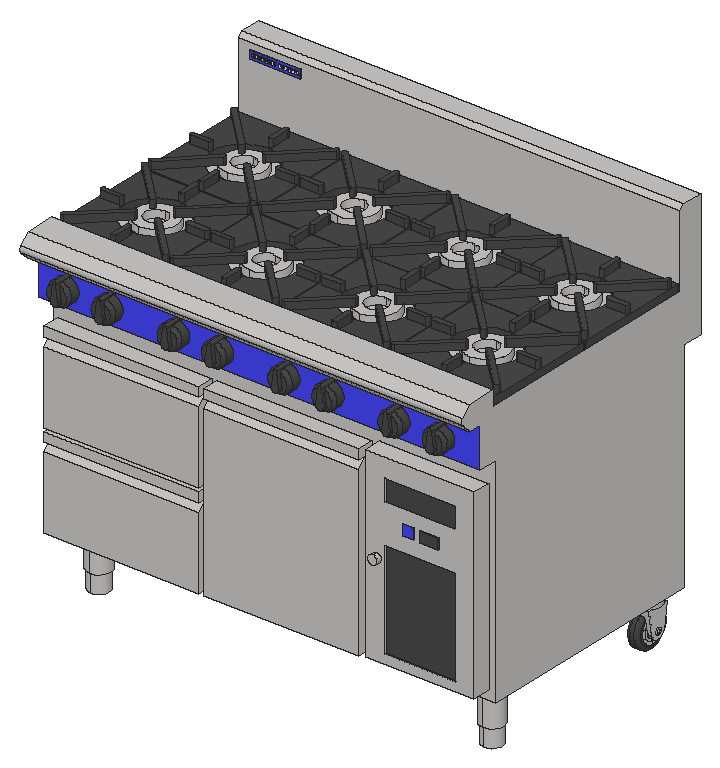
Revit family "QF_MOFFAT_BLUESEAL_CE_G518D-RB", category Specialty Equipment, Revit 2012 (continued)
Definition of nested family "GAS BURNER 1200"
  Lines and regions (mm)
    symbolic lines
      curve 346: spline (891.102, -160.1, 0) -> (892.396, -160.318, 0) -> (893.602, -160.957, 0) -> (894.638, -161.975, 0) -> (895.432, -163.3, 0) -> (895.932, -164.844, 0) -> (896.102, -166.5, 0) -> (895.932, -168.156, 0) -> (895.432, -169.7, 0) -> (894.638, -171.025, 0) -> (893.602, -172.043, 0) -> (892.396, -172.682, 0) -> (891.102, -172.9, 0)
      curve 347: arc (896, 0, 0) -> (898.121, -0.879, 0) -> (899, -3, 0) r 3
      curve 348: line (899, -3, 0) -> (899, -315.5, 0)
      curve 349: arc (899, -315.5, 0) -> (898.121, -317.621, 0) -> (896, -318.5, 0) r 3
      curve 350: line (904, 0, 0) -> (1196, 0, 0)
      curve 351: arc (1196, 0, 0) -> (1198.121, -0.879, 0) -> (1199, -3, 0) r 3
      curve 352: line (1199, -3, 0) -> (1199, -315.5, 0)
      curve 353: arc (1199, -315.5, 0) -> (1198.121, -317.621, 0) -> (1196, -318.5, 0) r 3
      curve 354: line (1196, -318.5, 0) -> (904, -318.5, 0)
      curve 355: arc (904, -318.5, 0) -> (901.879, -317.621, 0) -> (901, -315.5, 0) r 3
      curve 356: line (901, -315.5, 0) -> (901, -3, 0)
      curve 357: arc (901, -3, 0) -> (901.879, -0.879, 0) -> (904, 0, 0) r 3
      curve 358: line (904, -321.5, 0) -> (1196, -321.5, 0)
      curve 359: arc (1196, -321.5, 0) -> (1198.121, -322.379, 0) -> (1199, -324.5, 0) r 3
      curve 360: line (1199, -324.5, 0) -> (1199, -632, 0)
      curve 361: arc (1199, -632, 0) -> (1198.121, -634.121, 0) -> (1196, -635, 0) r 3
      curve 362: line (1196, -635, 0) -> (904, -635, 0)
      curve 363: arc (904, -635, 0) -> (901.879, -634.121, 0) -> (901, -632, 0) r 3
      curve 364: line (901, -632, 0) -> (901, -324.5, 0)
      curve 365: arc (901, -324.5, 0) -> (901.879, -322.379, 0) -> (904, -321.5, 0) r 3
      curve 366: arc (896, -321.5, 0) -> (898.121, -322.379, 0) -> (899, -324.5, 0) r 3
      curve 367: line (899, -324.5, 0) -> (899, -632, 0)
      curve 368: arc (899, -632, 0) -> (898.121, -634.121, 0) -> (896, -635, 0) r 3
      curve 369: line (906.102, -304.847, 0) -> (1014.025, -193.424, 0)
      curve 370: spline (1014.025, -193.424, 0) -> (1015.095, -192.663, 0) -> (1016.399, -192.262, 0) -> (1017.851, -192.249, 0) -> (1019.35, -192.625, 0) -> (1020.795, -193.363, 0) -> (1022.086, -194.414, 0) -> (1023.137, -195.705, 0) -> (1023.875, -197.15, 0) -> (1024.251, -198.649, 0) -> (1024.238, -200.101, 0) -> (1023.837, -201.405, 0) -> (1023.076, -202.475, 0)
      curve 371: line (1023.076, -202.475, 0) -> (915.153, -313.898, 0)
      curve 372: spline (915.153, -313.898, 0) -> (914.084, -314.659, 0) -> (912.779, -315.059, 0) -> (911.328, -315.072, 0) -> (909.829, -314.697, 0) -> (908.384, -313.959, 0) -> (907.092, -312.908, 0) -> (906.041, -311.616, 0) -> (905.303, -310.171, 0) -> (904.928, -308.672, 0) -> (904.941, -307.221, 0) -> (905.341, -305.916, 0) -> (906.102, -304.847, 0)
      curve 373: line (1184.847, -313.898, 0) -> (1076.924, -202.475, 0)
      curve 374: spline (1076.924, -202.475, 0) -> (1076.163, -201.405, 0) -> (1075.762, -200.101, 0) -> (1075.749, -198.649, 0) -> (1076.125, -197.15, 0) -> (1076.863, -195.705, 0) -> (1077.914, -194.414, 0) -> (1079.205, -193.363, 0) -> (1080.65, -192.625, 0) -> (1082.149, -192.249, 0) -> (1083.601, -192.262, 0) -> (1084.905, -192.663, 0) -> (1085.975, -193.424, 0)
      curve 375: line (1085.975, -193.424, 0) -> (1193.898, -304.847, 0)
      curve 376: spline (1193.898, -304.847, 0) -> (1194.659, -305.916, 0) -> (1195.059, -307.221, 0) -> (1195.072, -308.672, 0) -> (1194.697, -310.171, 0) -> (1193.959, -311.616, 0) -> (1192.908, -312.908, 0) -> (1191.616, -313.959, 0) -> (1190.171, -314.697, 0) -> (1188.672, -315.072, 0) -> (1187.221, -315.059, 0) -> (1185.916, -314.659, 0) -> (1184.847, -313.898, 0)
      curve 377: line (1191.102, -172.9, 0) -> (1141.898, -172.9, 0)
      curve 378: spline (1141.898, -172.9, 0) -> (1140.604, -172.682, 0) -> (1139.398, -172.043, 0) -> (1138.362, -171.025, 0) -> (1137.568, -169.7, 0) -> (1137.068, -168.156, 0) -> (1136.898, -166.5, 0) -> (1137.068, -164.844, 0) -> (1137.568, -163.3, 0) -> (1138.362, -161.975, 0) -> (1139.398, -160.957, 0) -> (1140.604, -160.318, 0) -> (1141.898, -160.1, 0)
      curve 379: line (1141.898, -160.1, 0) -> (1191.102, -160.1, 0)
      curve 380: spline (1191.102, -160.1, 0) -> (1192.396, -160.318, 0) -> (1193.602, -160.957, 0) -> (1194.638, -161.975, 0) -> (1195.432, -163.3, 0) -> (1195.932, -164.844, 0) -> (1196.102, -166.5, 0) -> (1195.932, -168.156, 0) -> (1195.432, -169.7, 0) -> (1194.638, -171.025, 0) -> (1193.602, -172.043, 0) -> (1192.396, -172.682, 0) -> (1191.102, -172.9, 0)
      curve 381: line (1193.898, -31.653, 0) -> (1085.975, -139.576, 0)
      curve 382: spline (1085.975, -139.576, 0) -> (1084.905, -140.337, 0) -> (1083.601, -140.738, 0) -> (1082.149, -140.751, 0) -> (1080.65, -140.375, 0) -> (1079.205, -139.637, 0) -> (1077.914, -138.586, 0) -> (1076.863, -137.295, 0) -> (1076.125, -135.85, 0) -> (1075.749, -134.351, 0) -> (1075.762, -132.899, 0) -> (1076.163, -131.595, 0) -> (1076.924, -130.525, 0)
      curve 383: line (1076.924, -130.525, 0) -> (1184.847, -22.602, 0)
      curve 384: spline (1184.847, -22.602, 0) -> (1186.076, -21.681, 0) -> (1187.53, -21.131, 0) -> (1189.11, -20.99, 0) -> (1190.708, -21.267, 0) -> (1192.214, -21.943, 0) -> (1193.527, -22.973, 0) -> (1194.557, -24.286, 0) -> (1195.233, -25.792, 0) -> (1195.51, -27.39, 0) -> (1195.369, -28.97, 0) -> (1194.819, -30.424, 0) -> (1193.898, -31.653, 0)
      curve 385: arc (1050, -136.5, 0) -> (1020, -166.5, 0) -> (1050, -196.5, 0) r 30
      curve 386: arc (1050, -196.5, 0) -> (1080, -166.5, 0) -> (1050, -136.5, 0) r 30
      curve 387: line (1043.6, -311.102, 0) -> (1043.6, -261.898, 0)
      curve 388: spline (1043.6, -261.898, 0) -> (1043.818, -260.604, 0) -> (1044.457, -259.398, 0) -> (1045.475, -258.362, 0) -> (1046.8, -257.568, 0) -> (1048.344, -257.068, 0) -> (1050, -256.898, 0) -> (1051.656, -257.068, 0) -> (1053.2, -257.568, 0) -> (1054.525, -258.362, 0) -> (1055.543, -259.398, 0) -> (1056.182, -260.604, 0) -> (1056.4, -261.898, 0)
      curve 389: line (1056.4, -261.898, 0) -> (1056.4, -311.102, 0)
      curve 390: spline (1056.4, -311.102, 0) -> (1056.182, -312.396, 0) -> (1055.543, -313.602, 0) -> (1054.525, -314.638, 0) -> (1053.2, -315.432, 0) -> (1051.656, -315.932, 0) -> (1050, -316.102, 0) -> (1048.344, -315.932, 0) -> (1046.8, -315.432, 0) -> (1045.475, -314.638, 0) -> (1044.457, -313.602, 0) -> (1043.818, -312.396, 0) -> (1043.6, -311.102, 0)
      curve 391: line (1043.6, -378.102, 0) -> (1043.6, -328.898, 0)
      curve 392: spline (1043.6, -328.898, 0) -> (1043.818, -327.604, 0) -> (1044.457, -326.398, 0) -> (1045.475, -325.362, 0) -> (1046.8, -324.568, 0) -> (1048.344, -324.068, 0) -> (1050, -323.898, 0) -> (1051.656, -324.068, 0) -> (1053.2, -324.568, 0) -> (1054.525, -325.362, 0) -> (1055.543, -326.398, 0) -> (1056.182, -327.604, 0) -> (1056.4, -328.898, 0)
      curve 393: line (1056.4, -328.898, 0) -> (1056.4, -378.102, 0)
      curve 394: spline (1056.4, -378.102, 0) -> (1056.182, -379.396, 0) -> (1055.543, -380.602, 0) -> (1054.525, -381.638, 0) -> (1053.2, -382.432, 0) -> (1051.656, -382.932, 0) -> (1050, -383.102, 0) -> (1048.344, -382.932, 0) -> (1046.8, -382.432, 0) -> (1045.475, -381.638, 0) -> (1044.457, -380.602, 0) -> (1043.818, -379.396, 0) -> (1043.6, -378.102, 0)
      curve 395: line (915.153, -326.102, 0) -> (1023.076, -434.025, 0)
      curve 396: spline (1023.076, -434.025, 0) -> (1023.837, -435.095, 0) -> (1024.238, -436.399, 0) -> (1024.251, -437.851, 0) -> (1023.875, -439.35, 0) -> (1023.137, -440.795, 0) -> (1022.086, -442.086, 0) -> (1020.795, -443.137, 0) -> (1019.35, -443.875, 0) -> (1017.851, -444.251, 0) -> (1016.399, -444.238, 0) -> (1015.095, -443.837, 0) -> (1014.025, -443.076, 0)
      curve 397: line (1014.025, -443.076, 0) -> (906.102, -335.153, 0)
      curve 398: spline (906.102, -335.153, 0) -> (905.341, -334.084, 0) -> (904.941, -332.779, 0) -> (904.928, -331.328, 0) -> (905.303, -329.829, 0) -> (906.041, -328.384, 0) -> (907.092, -327.092, 0) -> (908.384, -326.041, 0) -> (909.829, -325.303, 0) -> (911.328, -324.928, 0) -> (912.779, -324.941, 0) -> (914.084, -325.341, 0) -> (915.153, -326.102, 0)
      curve 399: line (1076.924, -434.025, 0) -> (1184.847, -326.102, 0)
      curve 400: spline (1184.847, -326.102, 0) -> (1186.076, -325.181, 0) -> (1187.53, -324.631, 0) -> (1189.11, -324.49, 0) -> (1190.708, -324.767, 0) -> (1192.214, -325.443, 0) -> (1193.527, -326.473, 0) -> (1194.557, -327.786, 0) -> (1195.233, -329.292, 0) -> (1195.51, -330.89, 0) -> (1195.369, -332.47, 0) -> (1194.819, -333.924, 0) -> (1193.898, -335.153, 0)
      curve 401: line (1193.898, -335.153, 0) -> (1085.975, -443.076, 0)
      curve 402: spline (1085.975, -443.076, 0) -> (1084.905, -443.837, 0) -> (1083.601, -444.238, 0) -> (1082.149, -444.251, 0) -> (1080.65, -443.875, 0) -> (1079.205, -443.137, 0) -> (1077.914, -442.086, 0) -> (1076.863, -440.795, 0) -> (1076.125, -439.35, 0) -> (1075.749, -437.851, 0) -> (1075.762, -436.399, 0) -> (1076.163, -435.095, 0) -> (1076.924, -434.025, 0)
      curve 403: line (1141.898, -463.6, 0) -> (1191.102, -463.6, 0)
      curve 404: spline (1191.102, -463.6, 0) -> (1192.396, -463.818, 0) -> (1193.602, -464.457, 0) -> (1194.638, -465.475, 0) -> (1195.432, -466.8, 0) -> (1195.932, -468.344, 0) -> (1196.102, -470, 0) -> (1195.932, -471.656, 0) -> (1195.432, -473.2, 0) -> (1194.638, -474.525, 0) -> (1193.602, -475.543, 0) -> (1192.396, -476.182, 0) -> (1191.102, -476.4, 0)
      curve 405: line (1191.102, -476.4, 0) -> (1141.898, -476.4, 0)
      curve 406: spline (1141.898, -476.4, 0) -> (1140.604, -476.182, 0) -> (1139.398, -475.543, 0) -> (1138.362, -474.525, 0) -> (1137.568, -473.2, 0) -> (1137.068, -471.656, 0) -> (1136.898, -470, 0) -> (1137.068, -468.344, 0) -> (1137.568, -466.8, 0) -> (1138.362, -465.475, 0) -> (1139.398, -464.457, 0) -> (1140.604, -463.818, 0) -> (1141.898, -463.6, 0)
      curve 407: line (1085.975, -496.924, 0) -> (1193.898, -603.347, 0)
      curve 408: spline (1193.898, -603.347, 0) -> (1194.659, -604.416, 0) -> (1195.059, -605.721, 0) -> (1195.072, -607.172, 0) -> (1194.697, -608.671, 0) -> (1193.959, -610.116, 0) -> (1192.908, -611.408, 0) -> (1191.616, -612.459, 0) -> (1190.171, -613.197, 0) -> (1188.672, -613.572, 0) -> (1187.221, -613.559, 0) -> (1185.916, -613.159, 0) -> (1184.847, -612.398, 0)
      curve 409: line (1184.847, -612.398, 0) -> (1076.924, -505.975, 0)
      curve 410: spline (1076.924, -505.975, 0) -> (1076.163, -504.905, 0) -> (1075.762, -503.601, 0) -> (1075.749, -502.149, 0) -> (1076.125, -500.65, 0) -> (1076.863, -499.205, 0) -> (1077.914, -497.914, 0) -> (1079.205, -496.863, 0) -> (1080.65, -496.125, 0) -> (1082.149, -495.749, 0) -> (1083.601, -495.762, 0) -> (1084.905, -496.163, 0) -> (1085.975, -496.924, 0)
      curve 411: line (1043.6, -609.602, 0) -> (1043.6, -561.898, 0)
      curve 412: spline (1043.6, -561.898, 0) -> (1043.818, -560.604, 0) -> (1044.457, -559.398, 0) -> (1045.475, -558.362, 0) -> (1046.8, -557.568, 0) -> (1048.344, -557.068, 0) -> (1050, -556.898, 0) -> (1051.656, -557.068, 0) -> (1053.2, -557.568, 0) -> (1054.525, -558.362, 0) -> (1055.543, -559.398, 0) -> (1056.182, -560.604, 0) -> (1056.4, -561.898, 0)
      curve 413: line (1056.4, -561.898, 0) -> (1056.4, -609.602, 0)
      curve 414: spline (1056.4, -609.602, 0) -> (1056.182, -610.896, 0) -> (1055.543, -612.102, 0) -> (1054.525, -613.138, 0) -> (1053.2, -613.932, 0) -> (1051.656, -614.432, 0) -> (1050, -614.602, 0) -> (1048.344, -614.432, 0) -> (1046.8, -613.932, 0) -> (1045.475, -613.138, 0) -> (1044.457, -612.102, 0) -> (1043.818, -610.896, 0) -> (1043.6, -609.602, 0)
      curve 415: line (1023.076, -505.975, 0) -> (915.153, -612.398, 0)
      curve 416: spline (915.153, -612.398, 0) -> (914.084, -613.159, 0) -> (912.779, -613.559, 0) -> (911.328, -613.572, 0) -> (909.829, -613.197, 0) -> (908.384, -612.459, 0) -> (907.092, -611.408, 0) -> (906.041, -610.116, 0) -> (905.303, -608.671, 0) -> (904.928, -607.172, 0) -> (904.941, -605.721, 0) -> (905.341, -604.416, 0) -> (906.102, -603.347, 0)
      curve 417: line (906.102, -603.347, 0) -> (1014.025, -496.924, 0)
      curve 418: spline (1014.025, -496.924, 0) -> (1015.095, -496.163, 0) -> (1016.399, -495.762, 0) -> (1017.851, -495.749, 0) -> (1019.35, -496.125, 0) -> (1020.795, -496.863, 0) -> (1022.086, -497.914, 0) -> (1023.137, -499.205, 0) -> (1023.875, -500.65, 0) -> (1024.251, -502.149, 0) -> (1024.238, -503.601, 0) -> (1023.837, -504.905, 0) -> (1023.076, -505.975, 0)
      curve 419: arc (1050.009, -384.418, 0) -> (1020.313, -389.836, 0) -> (994.444, -405.393, 0) r 84.082
      curve 420: arc (1050.009, -552.582, 0) -> (1078.827, -547.489, 0) -> (1104.155, -532.827, 0) r 84.082
      curve 421: arc (1050, -523.5, 0) -> (1032.334, -520.693, 0) -> (1016.408, -512.55, 0) r 57
      curve 422: arc (1050, -409.5, 0) -> (1069.986, -413.119, 0) -> (1087.434, -423.515, 0) r 57
      curve 423: arc (1050, -436.5, 0) -> (1020, -466.5, 0) -> (1050, -496.5, 0) r 30
      curve 424: arc (1050, -496.5, 0) -> (1080, -466.5, 0) -> (1050, -436.5, 0) r 30
      curve 425: line (908.898, -463.6, 0) -> (958.102, -463.6, 0)
      curve 426: spline (958.102, -463.6, 0) -> (959.396, -463.818, 0) -> (960.602, -464.457, 0) -> (961.638, -465.475, 0) -> (962.432, -466.8, 0) -> (962.932, -468.344, 0) -> (963.102, -470, 0) -> (962.932, -471.656, 0) -> (962.432, -473.2, 0) -> (961.638, -474.525, 0) -> (960.602, -475.543, 0) -> (959.396, -476.182, 0) -> (958.102, -476.4, 0)
      curve 427: line (958.102, -476.4, 0) -> (908.898, -476.4, 0)
      curve 428: spline (908.898, -476.4, 0) -> (907.604, -476.182, 0) -> (906.398, -475.543, 0) -> (905.362, -474.525, 0) -> (904.568, -473.2, 0) -> (904.068, -471.656, 0) -> (903.898, -470, 0) -> (904.068, -468.344, 0) -> (904.568, -466.8, 0) -> (905.362, -465.475, 0) -> (906.398, -464.457, 0) -> (907.604, -463.818, 0) -> (908.898, -463.6, 0)
      curve 429: spline (891.102, -463.6, 0) -> (892.396, -463.818, 0) -> (893.602, -464.457, 0) -> (894.638, -465.475, 0) -> (895.432, -466.8, 0) -> (895.932, -468.344, 0) -> (896.102, -470, 0) -> (895.932, -471.656, 0) -> (895.432, -473.2, 0) -> (894.638, -474.525, 0) -> (893.602, -475.543, 0) -> (892.396, -476.182, 0) -> (891.102, -476.4, 0)
      curve 430: arc (1103.676, -103.773, 0) -> (1078.534, -89.404, 0) -> (1050.009, -84.418, 0) r 84.082
      curve 431: arc (987.129, -112.68, 0) -> (965.934, -167.408, 0) -> (985.7, -222.668, 0) r 84.082
      curve 432: arc (1005.546, -202.178, 0) -> (993, -166.598, 0) -> (1005.424, -130.975, 0) r 57
      curve 433: arc (1085.372, -211.197, 0) -> (1068.725, -220.336, 0) -> (1050, -223.5, 0) r 57
      curve 434: arc (1094.576, -130.975, 0) -> (1107, -166.598, 0) -> (1094.454, -202.178, 0) r 57
      curve 435: arc (1012.566, -423.515, 0) -> (1030.014, -413.119, 0) -> (1050, -409.5, 0) r 57
      curve 436: arc (1096.089, -432.962, 0) -> (1106.947, -468.956, 0) -> (1093.031, -503.881, 0) r 57
      curve 437: arc (1090.268, -506.842, 0) -> (1089.386, -507.704, 0) -> (1088.484, -508.547, 0) r 57
      curve 438: arc (1006.969, -503.881, 0) -> (993.053, -468.956, 0) -> (1003.911, -432.962, 0) r 57
      curve 439: arc (985.509, -414.56, 0) -> (965.932, -469.429, 0) -> (986.717, -523.853, 0) r 84.082
      curve 440: arc (1105.564, -405.385, 0) -> (1079.699, -389.834, 0) -> (1050.009, -384.418, 0) r 84.082
      curve 441: arc (1113.293, -523.862, 0) -> (1134.086, -469.429, 0) -> (1114.501, -414.55, 0) r 84.082
      curve 442: arc (1083.592, -512.55, 0) -> (1067.666, -520.693, 0) -> (1050, -523.5, 0) r 57
      curve 443: arc (995.853, -532.819, 0) -> (1021.184, -547.487, 0) -> (1050.009, -552.582, 0) r 84.082
      curve 444: arc (1014.475, -121.924, 0) -> (1031.183, -112.696, 0) -> (1050, -109.5, 0) r 57
      curve 445: arc (994.669, -231.803, 0) -> (1020.453, -247.216, 0) -> (1050.009, -252.582, 0) r 84.082
      curve 446: arc (1114.31, -222.678, 0) -> (1134.084, -167.408, 0) -> (1112.881, -112.67, 0) r 84.082
  Dimensions and locks
    equal spacing: plane 3 "LEFT", plane 7 "Center Y", plane 4 "RIGHT"
    "Width": plane 3 "LEFT" to plane 4 "RIGHT"
    equal spacing: plane 5 "FRONT", plane 8 "Center X", plane 1 "BACK"
    "Depth": plane 5 "FRONT" to plane 1 "BACK"
    aligned and locked: level to plane 2
  Automatic sketch dimensions
    curve 29 to curve 30 = 0.0 mm  (x2)
    curve 29 to curve 33 = 0.0 mm  (x2)
    curve 29 to curve 34 = 0.0 mm  (x2)
    curve 29 to curve 189 = 0.0 mm  (x2)
    curve 29 to curve 190 = 0.0 mm  (x2)
    curve 29 to curve 191 = 0.0 mm  (x2)
    curve 29 to curve 192 = 0.0 mm  (x2)
    curve 30 to curve 33 = 0.0 mm  (x2)
    curve 30 to curve 34 = 0.0 mm  (x2)
    curve 30 to curve 189 = 0.0 mm  (x2)
    curve 30 to curve 190 = 0.0 mm  (x2)
    curve 30 to curve 191 = 0.0 mm  (x2)
    curve 30 to curve 192 = 0.0 mm  (x2)
    curve 31 to curve 32 = 0.0 mm  (x2)
    curve 31 to curve 212 = 0.0 mm  (x2)
    curve 31 to curve 213 = 0.0 mm  (x2)
    curve 31 to curve 214 = 0.0 mm  (x2)
    curve 31 to curve 215 = 0.0 mm  (x2)
    curve 32 to curve 212 = 0.0 mm  (x2)
    curve 32 to curve 213 = 0.0 mm  (x2)
    curve 32 to curve 214 = 0.0 mm  (x2)
    curve 32 to curve 215 = 0.0 mm  (x2)
    curve 33 to curve 34 = 0.0 mm  (x2)
    curve 33 to curve 189 = 0.0 mm  (x2)
    curve 33 to curve 190 = 0.0 mm  (x2)
    curve 33 to curve 191 = 0.0 mm  (x2)
    curve 33 to curve 192 = 0.0 mm  (x2)
    curve 34 to curve 189 = 0.0 mm  (x2)
    curve 34 to curve 190 = 0.0 mm  (x2)
    curve 34 to curve 191 = 0.0 mm  (x2)
    curve 34 to curve 192 = 0.0 mm  (x2)
    curve 35 to curve 36 = 0.0 mm  (x2)
    curve 35 to curve 103 = 0.0 mm  (x2)
    curve 35 to curve 104 = 0.0 mm  (x2)
    curve 35 to curve 187 = 0.0 mm  (x2)
    curve 35 to curve 188 = 0.0 mm  (x2)
    curve 35 to curve 193 = 0.0 mm  (x2)
    curve 35 to curve 211 = 0.0 mm  (x2)
    curve 36 to curve 103 = 0.0 mm  (x2)
    curve 36 to curve 104 = 0.0 mm  (x2)
    curve 36 to curve 187 = 0.0 mm  (x2)
    curve 36 to curve 188 = 0.0 mm  (x2)
    curve 36 to curve 193 = 0.0 mm  (x2)
    curve 36 to curve 211 = 0.0 mm  (x2)
    curve 37 to curve 38 = 0.0 mm  (x2)
    curve 37 to curve 185 = 0.0 mm  (x2)
    curve 37 to curve 186 = 0.0 mm  (x2)
    curve 37 to curve 216 = 0.0 mm  (x2)
    curve 37 to curve 217 = 0.0 mm  (x2)
    curve 38 to curve 185 = 0.0 mm  (x2)
    curve 38 to curve 186 = 0.0 mm  (x2)
    curve 38 to curve 216 = 0.0 mm  (x2)
    curve 38 to curve 217 = 0.0 mm  (x2)
    curve 103 to curve 104 = 0.0 mm  (x2)
    curve 103 to curve 187 = 0.0 mm  (x2)
    curve 103 to curve 188 = 0.0 mm  (x2)
    curve 103 to curve 193 = 0.0 mm  (x2)
    curve 103 to curve 211 = 0.0 mm  (x2)
    curve 104 to curve 187 = 0.0 mm  (x2)
    curve 104 to curve 188 = 0.0 mm  (x2)
    curve 104 to curve 193 = 0.0 mm  (x2)
    curve 104 to curve 211 = 0.0 mm  (x2)
    curve 137 to curve 138 = 0.0 mm  (x2)
    curve 137 to curve 204 = 0.0 mm  (x2)
    curve 137 to curve 205 = 0.0 mm  (x2)
    curve 137 to curve 206 = 0.0 mm  (x2)
    curve 137 to curve 208 = 0.0 mm  (x2)
    curve 138 to curve 204 = 0.0 mm  (x2)
    curve 138 to curve 205 = 0.0 mm  (x2)
    curve 138 to curve 206 = 0.0 mm  (x2)
    curve 138 to curve 208 = 0.0 mm  (x2)
    curve 139 to curve 140 = 0.0 mm  (x2)
    curve 139 to curve 141 = 0.0 mm  (x2)
    curve 139 to curve 142 = 0.0 mm  (x2)
    curve 139 to curve 200 = 0.0 mm  (x2)
    curve 139 to curve 201 = 0.0 mm  (x2)
    curve 139 to curve 202 = 0.0 mm  (x2)
    curve 139 to curve 203 = 0.0 mm  (x2)
    curve 139 to curve 207 = 0.0 mm  (x2)
    curve 140 to curve 141 = 0.0 mm  (x2)
    curve 140 to curve 142 = 0.0 mm  (x2)
    curve 140 to curve 200 = 0.0 mm  (x2)
    curve 140 to curve 201 = 0.0 mm  (x2)
    curve 140 to curve 202 = 0.0 mm  (x2)
    curve 140 to curve 203 = 0.0 mm  (x2)
    curve 140 to curve 207 = 0.0 mm  (x2)
    curve 141 to curve 142 = 0.0 mm  (x2)
    curve 141 to curve 200 = 0.0 mm  (x2)
    curve 141 to curve 201 = 0.0 mm  (x2)
    curve 141 to curve 202 = 0.0 mm  (x2)
    curve 141 to curve 203 = 0.0 mm  (x2)
    curve 141 to curve 207 = 0.0 mm  (x2)
    curve 142 to curve 200 = 0.0 mm  (x2)
    curve 142 to curve 201 = 0.0 mm  (x2)
    curve 142 to curve 202 = 0.0 mm  (x2)
    curve 142 to curve 203 = 0.0 mm  (x2)
    curve 142 to curve 207 = 0.0 mm  (x2)
    curve 179 to curve 180 = 0.0 mm  (x2)
    curve 179 to curve 194 = 0.0 mm  (x2)
    curve 179 to curve 195 = 0.0 mm  (x2)
    curve 179 to curve 209 = 0.0 mm  (x2)
    curve 179 to curve 210 = 0.0 mm  (x2)
    curve 180 to curve 194 = 0.0 mm  (x2)
    curve 180 to curve 195 = 0.0 mm  (x2)
    curve 180 to curve 209 = 0.0 mm  (x2)
    curve 180 to curve 210 = 0.0 mm  (x2)
    curve 181 to curve 182 = 0.0 mm  (x2)
    curve 181 to curve 183 = 0.0 mm  (x2)
    curve 181 to curve 184 = 0.0 mm  (x2)
    curve 181 to curve 196 = 0.0 mm  (x2)
    curve 181 to curve 197 = 0.0 mm  (x2)
    curve 181 to curve 198 = 0.0 mm  (x2)
    curve 181 to curve 199 = 0.0 mm  (x2)
    curve 182 to curve 183 = 0.0 mm  (x2)
    curve 182 to curve 184 = 0.0 mm  (x2)
    curve 182 to curve 196 = 0.0 mm  (x2)
    curve 182 to curve 197 = 0.0 mm  (x2)
    curve 182 to curve 198 = 0.0 mm  (x2)
    curve 182 to curve 199 = 0.0 mm  (x2)
    curve 183 to curve 184 = 0.0 mm  (x2)
    curve 183 to curve 196 = 0.0 mm  (x2)
    curve 183 to curve 197 = 0.0 mm  (x2)
    curve 183 to curve 198 = 0.0 mm  (x2)
    curve 183 to curve 199 = 0.0 mm  (x2)
    curve 184 to curve 196 = 0.0 mm  (x2)
    curve 184 to curve 197 = 0.0 mm  (x2)
    curve 184 to curve 198 = 0.0 mm  (x2)
    curve 184 to curve 199 = 0.0 mm  (x2)
    curve 185 to curve 186 = 0.0 mm  (x2)
    curve 185 to curve 216 = 0.0 mm  (x2)
    curve 185 to curve 217 = 0.0 mm  (x2)
    curve 186 to curve 216 = 0.0 mm  (x2)
    curve 186 to curve 217 = 0.0 mm  (x2)
    curve 187 to curve 188 = 0.0 mm  (x2)
    curve 187 to curve 193 = 0.0 mm  (x2)
    curve 187 to curve 211 = 0.0 mm  (x2)
    curve 188 to curve 193 = 0.0 mm  (x2)
    curve 188 to curve 211 = 0.0 mm  (x2)
    curve 189 to curve 190 = 0.0 mm  (x2)
    curve 189 to curve 191 = 0.0 mm  (x2)
    curve 189 to curve 192 = 0.0 mm  (x2)
    curve 190 to curve 191 = 0.0 mm  (x2)
    curve 190 to curve 192 = 0.0 mm  (x2)
    curve 191 to curve 192 = 0.0 mm  (x2)
    curve 193 to curve 211 = 0.0 mm  (x2)
    curve 194 to curve 195 = 0.0 mm  (x2)
    curve 194 to curve 209 = 0.0 mm  (x2)
    curve 194 to curve 210 = 0.0 mm  (x2)
    curve 195 to curve 209 = 0.0 mm  (x2)
    curve 195 to curve 210 = 0.0 mm  (x2)
    curve 196 to curve 197 = 0.0 mm  (x2)
    curve 196 to curve 198 = 0.0 mm  (x2)
    curve 196 to curve 199 = 0.0 mm  (x2)
    curve 197 to curve 198 = 0.0 mm  (x2)
    curve 197 to curve 199 = 0.0 mm  (x2)
    curve 198 to curve 199 = 0.0 mm  (x2)
    curve 200 to curve 201 = 0.0 mm  (x2)
    curve 200 to curve 202 = 0.0 mm  (x2)
    curve 200 to curve 203 = 0.0 mm  (x2)
    curve 200 to curve 207 = 0.0 mm  (x2)
    curve 201 to curve 202 = 0.0 mm  (x2)
    curve 201 to curve 203 = 0.0 mm  (x2)
    curve 201 to curve 207 = 0.0 mm  (x2)
    curve 202 to curve 203 = 0.0 mm  (x2)
    curve 202 to curve 207 = 0.0 mm  (x2)
    curve 203 to curve 207 = 0.0 mm  (x2)
    curve 204 to curve 205 = 0.0 mm  (x2)
    curve 204 to curve 206 = 0.0 mm  (x2)
    curve 204 to curve 208 = 0.0 mm  (x2)
    curve 205 to curve 206 = 0.0 mm  (x2)
    curve 205 to curve 208 = 0.0 mm  (x2)
    curve 206 to curve 208 = 0.0 mm  (x2)
    curve 209 to curve 210 = 0.0 mm  (x2)
    curve 212 to curve 213 = 0.0 mm  (x2)
    curve 212 to curve 214 = 0.0 mm  (x2)
    curve 212 to curve 215 = 0.0 mm  (x2)
    curve 213 to curve 214 = 0.0 mm  (x2)
    curve 213 to curve 215 = 0.0 mm  (x2)
    curve 214 to curve 215 = 0.0 mm  (x2)
    curve 216 to curve 217 = 0.0 mm  (x2)
    curve 220 to curve 221 = 0.0 mm  (x2)
    curve 220 to curve 247 = 0.0 mm  (x2)
    curve 220 to curve 248 = 0.0 mm  (x2)
    curve 220 to curve 284 = 0.0 mm  (x2)
    curve 220 to curve 285 = 0.0 mm  (x2)
    curve 220 to curve 286 = 0.0 mm  (x2)
    curve 220 to curve 296 = 0.0 mm  (x2)
    curve 221 to curve 247 = 0.0 mm  (x2)
    curve 221 to curve 248 = 0.0 mm  (x2)
    curve 221 to curve 284 = 0.0 mm  (x2)
    curve 221 to curve 285 = 0.0 mm  (x2)
    curve 221 to curve 286 = 0.0 mm  (x2)
    curve 221 to curve 296 = 0.0 mm  (x2)
    curve 222 to curve 223 = 0.0 mm  (x2)
    curve 222 to curve 282 = 0.0 mm  (x2)
    curve 222 to curve 283 = 0.0 mm  (x2)
    curve 222 to curve 297 = 0.0 mm  (x2)
    curve 222 to curve 298 = 0.0 mm  (x2)
    curve 223 to curve 282 = 0.0 mm  (x2)
    curve 223 to curve 283 = 0.0 mm  (x2)
    curve 223 to curve 297 = 0.0 mm  (x2)
    curve 223 to curve 298 = 0.0 mm  (x2)
    curve 231 to curve 307 = 0.0 mm  (x2)
    curve 233 to curve 305 = 0.0 mm  (x2)
    curve 247 to curve 248 = 0.0 mm  (x2)
    curve 247 to curve 284 = 0.0 mm  (x2)
    curve 247 to curve 285 = 0.0 mm  (x2)
    curve 247 to curve 286 = 0.0 mm  (x2)
    curve 247 to curve 296 = 0.0 mm  (x2)
    curve 248 to curve 284 = 0.0 mm  (x2)
    curve 248 to curve 285 = 0.0 mm  (x2)
    curve 248 to curve 286 = 0.0 mm  (x2)
    curve 248 to curve 296 = 0.0 mm  (x2)
    curve 275 to curve 276 = 0.0 mm  (x2)
    curve 275 to curve 291 = 0.0 mm  (x2)
    curve 275 to curve 292 = 0.0 mm  (x2)
    curve 275 to curve 293 = 0.0 mm  (x2)
    curve 275 to curve 295 = 0.0 mm  (x2)
    curve 276 to curve 291 = 0.0 mm  (x2)
    curve 276 to curve 292 = 0.0 mm  (x2)
    curve 276 to curve 293 = 0.0 mm  (x2)
    curve 276 to curve 295 = 0.0 mm  (x2)
    curve 277 to curve 278 = 0.0 mm  (x2)
    curve 277 to curve 279 = 0.0 mm  (x2)
    curve 277 to curve 280 = 0.0 mm  (x2)
    curve 277 to curve 287 = 0.0 mm  (x2)
    curve 277 to curve 288 = 0.0 mm  (x2)
    curve 277 to curve 289 = 0.0 mm  (x2)
    curve 277 to curve 290 = 0.0 mm  (x2)
    curve 277 to curve 294 = 0.0 mm  (x2)
    curve 278 to curve 279 = 0.0 mm  (x2)
    curve 278 to curve 280 = 0.0 mm  (x2)
    curve 278 to curve 287 = 0.0 mm  (x2)
    curve 278 to curve 288 = 0.0 mm  (x2)
    curve 278 to curve 289 = 0.0 mm  (x2)
    curve 278 to curve 290 = 0.0 mm  (x2)
    curve 278 to curve 294 = 0.0 mm  (x2)
    curve 279 to curve 280 = 0.0 mm  (x2)
    curve 279 to curve 287 = 0.0 mm  (x2)
    curve 279 to curve 288 = 0.0 mm  (x2)
    curve 279 to curve 289 = 0.0 mm  (x2)
    curve 279 to curve 290 = 0.0 mm  (x2)
    curve 279 to curve 294 = 0.0 mm  (x2)
    curve 280 to curve 287 = 0.0 mm  (x2)
    curve 280 to curve 288 = 0.0 mm  (x2)
    curve 280 to curve 289 = 0.0 mm  (x2)
    curve 280 to curve 290 = 0.0 mm  (x2)
    curve 280 to curve 294 = 0.0 mm  (x2)
    curve 282 to curve 283 = 0.0 mm  (x2)
    curve 282 to curve 297 = 0.0 mm  (x2)
    curve 282 to curve 298 = 0.0 mm  (x2)
    curve 283 to curve 297 = 0.0 mm  (x2)
    curve 283 to curve 298 = 0.0 mm  (x2)
    curve 284 to curve 285 = 0.0 mm  (x2)
    curve 284 to curve 286 = 0.0 mm  (x2)
    curve 284 to curve 296 = 0.0 mm  (x2)
    curve 285 to curve 286 = 0.0 mm  (x2)
    curve 285 to curve 296 = 0.0 mm  (x2)
    curve 286 to curve 296 = 0.0 mm  (x2)
    curve 287 to curve 288 = 0.0 mm  (x2)
    curve 287 to curve 289 = 0.0 mm  (x2)
    curve 287 to curve 290 = 0.0 mm  (x2)
    curve 287 to curve 294 = 0.0 mm  (x2)
    curve 288 to curve 289 = 0.0 mm  (x2)
    curve 288 to curve 290 = 0.0 mm  (x2)
    curve 288 to curve 294 = 0.0 mm  (x2)
    curve 289 to curve 290 = 0.0 mm  (x2)
    curve 289 to curve 294 = 0.0 mm  (x2)
    curve 290 to curve 294 = 0.0 mm  (x2)
    curve 291 to curve 292 = 0.0 mm  (x2)
    curve 291 to curve 293 = 0.0 mm  (x2)
    curve 291 to curve 295 = 0.0 mm  (x2)
    curve 292 to curve 293 = 0.0 mm  (x2)
    curve 292 to curve 295 = 0.0 mm  (x2)
    curve 293 to curve 295 = 0.0 mm  (x2)
    curve 297 to curve 298 = 0.0 mm  (x2)
    curve 338 to curve 339 = 0.0 mm  (x2)
    curve 338 to curve 385 = 0.0 mm  (x2)
    curve 338 to curve 386 = 0.0 mm  (x2)
    curve 338 to curve 432 = 0.0 mm  (x2)
    curve 338 to curve 433 = 0.0 mm  (x2)
    curve 338 to curve 434 = 0.0 mm  (x2)
    curve 338 to curve 444 = 0.0 mm  (x2)
    curve 339 to curve 385 = 0.0 mm  (x2)
    curve 339 to curve 386 = 0.0 mm  (x2)
    curve 339 to curve 432 = 0.0 mm  (x2)
    curve 339 to curve 433 = 0.0 mm  (x2)
    curve 339 to curve 434 = 0.0 mm  (x2)
    curve 339 to curve 444 = 0.0 mm  (x2)
    curve 340 to curve 341 = 0.0 mm  (x2)
    curve 340 to curve 430 = 0.0 mm  (x2)
    curve 340 to curve 431 = 0.0 mm  (x2)
    curve 340 to curve 445 = 0.0 mm  (x2)
    curve 340 to curve 446 = 0.0 mm  (x2)
    curve 341 to curve 430 = 0.0 mm  (x2)
    curve 341 to curve 431 = 0.0 mm  (x2)
    curve 341 to curve 445 = 0.0 mm  (x2)
    curve 341 to curve 446 = 0.0 mm  (x2)
    curve 385 to curve 386 = 0.0 mm  (x2)
    curve 385 to curve 432 = 0.0 mm  (x2)
    curve 385 to curve 433 = 0.0 mm  (x2)
    curve 385 to curve 434 = 0.0 mm  (x2)
    curve 385 to curve 444 = 0.0 mm  (x2)
    curve 386 to curve 432 = 0.0 mm  (x2)
    curve 386 to curve 433 = 0.0 mm  (x2)
    curve 386 to curve 434 = 0.0 mm  (x2)
    curve 386 to curve 444 = 0.0 mm  (x2)
    curve 419 to curve 420 = 0.0 mm  (x2)
    curve 419 to curve 439 = 0.0 mm  (x2)
    curve 419 to curve 440 = 0.0 mm  (x2)
    curve 419 to curve 441 = 0.0 mm  (x2)
    curve 419 to curve 443 = 0.0 mm  (x2)
    curve 420 to curve 439 = 0.0 mm  (x2)
    curve 420 to curve 440 = 0.0 mm  (x2)
    curve 420 to curve 441 = 0.0 mm  (x2)
    curve 420 to curve 443 = 0.0 mm  (x2)
    curve 421 to curve 422 = 0.0 mm  (x2)
    curve 421 to curve 423 = 0.0 mm  (x2)
    curve 421 to curve 424 = 0.0 mm  (x2)
    curve 421 to curve 435 = 0.0 mm  (x2)
    curve 421 to curve 436 = 0.0 mm  (x2)
    curve 421 to curve 437 = 0.0 mm  (x2)
    curve 421 to curve 438 = 0.0 mm  (x2)
    curve 421 to curve 442 = 0.0 mm  (x2)
    curve 422 to curve 423 = 0.0 mm  (x2)
    curve 422 to curve 424 = 0.0 mm  (x2)
    curve 422 to curve 435 = 0.0 mm  (x2)
    curve 422 to curve 436 = 0.0 mm  (x2)
    curve 422 to curve 437 = 0.0 mm  (x2)
    curve 422 to curve 438 = 0.0 mm  (x2)
    curve 422 to curve 442 = 0.0 mm  (x2)
    curve 423 to curve 424 = 0.0 mm  (x2)
    curve 423 to curve 435 = 0.0 mm  (x2)
    curve 423 to curve 436 = 0.0 mm  (x2)
    curve 423 to curve 437 = 0.0 mm  (x2)
    curve 423 to curve 438 = 0.0 mm  (x2)
    curve 423 to curve 442 = 0.0 mm  (x2)
    curve 424 to curve 435 = 0.0 mm  (x2)
    curve 424 to curve 436 = 0.0 mm  (x2)
    curve 424 to curve 437 = 0.0 mm  (x2)
    curve 424 to curve 438 = 0.0 mm  (x2)
    curve 424 to curve 442 = 0.0 mm  (x2)
    curve 430 to curve 431 = 0.0 mm  (x2)
    curve 430 to curve 445 = 0.0 mm  (x2)
    curve 430 to curve 446 = 0.0 mm  (x2)
    curve 431 to curve 445 = 0.0 mm  (x2)
    curve 431 to curve 446 = 0.0 mm  (x2)
    curve 432 to curve 433 = 0.0 mm  (x2)
    curve 432 to curve 434 = 0.0 mm  (x2)
    curve 432 to curve 444 = 0.0 mm  (x2)
    curve 433 to curve 434 = 0.0 mm  (x2)
    curve 433 to curve 444 = 0.0 mm  (x2)
    curve 434 to curve 444 = 0.0 mm  (x2)
    curve 435 to curve 436 = 0.0 mm  (x2)
    curve 435 to curve 437 = 0.0 mm  (x2)
    curve 435 to curve 438 = 0.0 mm  (x2)
    curve 435 to curve 442 = 0.0 mm  (x2)
    curve 436 to curve 437 = 0.0 mm  (x2)
    curve 436 to curve 438 = 0.0 mm  (x2)
    curve 436 to curve 442 = 0.0 mm  (x2)
    curve 437 to curve 438 = 0.0 mm  (x2)
    curve 437 to curve 442 = 0.0 mm  (x2)
    curve 438 to curve 442 = 0.0 mm  (x2)
    curve 439 to curve 440 = 0.0 mm  (x2)
    curve 439 to curve 441 = 0.0 mm  (x2)
    curve 439 to curve 443 = 0.0 mm  (x2)
    curve 440 to curve 441 = 0.0 mm  (x2)
    curve 440 to curve 443 = 0.0 mm  (x2)
    curve 441 to curve 443 = 0.0 mm  (x2)
    curve 445 to curve 446 = 0.0 mm  (x2)
    plane 5 "FRONT" to curve 74 = 0.0 mm
    plane 1 "BACK" to curve 64 = 0.0 mm
    plane 5 "FRONT" to curve 82 = 0.0 mm
    plane 1 "BACK" to curve 56 = 0.0 mm
    plane 1 "BACK" to curve 322 = 0.0 mm
    plane 5 "FRONT" to curve 303 = 0.0 mm
    plane 1 "BACK" to curve 350 = 0.0 mm
    plane 5 "FRONT" to curve 362 = 0.0 mm
    plane 3 "LEFT" to curve 64 = 1.0 mm
    plane 3 "LEFT" to curve 74 = 1.0 mm
    curve 67 to plane 8 "Center X" = 1.0 mm
    plane 3 "LEFT" to curve 67 = 4.0 mm
    curve 72 to curve 66 = 0.0 mm
    plane 3 "LEFT" to curve 74 = 4.0 mm
    plane 3 "LEFT" to curve 64 = 4.0 mm
    plane 3 "LEFT" to curve 118 = 6.102 mm
    plane 3 "LEFT" to curve 102 = 6.102 mm
    plane 3 "LEFT" to curve 125 = 6.102 mm
    plane 3 "LEFT" to curve 94 = 6.102 mm
    plane 3 "LEFT" to curve 122 = 8.898 mm
    plane 3 "LEFT" to curve 95 = 8.898 mm
    curve 94 to curve 94 = 4.525 mm
    curve 102 to curve 102 = 4.525 mm
    curve 125 to curve 126 = 4.525 mm
    curve 118 to curve 118 = 4.525 mm
    curve 121 to curve 121 = 49.204 mm
    curve 97 to curve 96 = 49.204 mm
    curve 124 to curve 206 = 27.397 mm
    curve 96 to curve 217 = 27.588 mm
    curve 123 to curve 206 = 28.605 mm
    curve 97 to curve 217 = 29.017 mm
    curve 206 to curve 205 = 8.937 mm
    curve 217 to curve 38 = 8.97 mm
    curve 206 to curve 138 = 9.138 mm
    curve 217 to curve 185 = 9.204 mm
    curve 206 to curve 201 = 18.412 mm
    curve 217 to curve 193 = 18.305 mm
    curve 217 to curve 193 = 19.856 mm
    curve 206 to curve 201 = 20.262 mm
    curve 201 to curve 202 = 2.762 mm
    curve 202 to curve 202 = 1.784 mm
    curve 201 to curve 140 = 8.655 mm
    curve 193 to curve 92 = 8.479 mm
    curve 193 to curve 100 = 8.601 mm
    curve 201 to curve 119 = 10.114 mm
    curve 201 to curve 128 = 7.056 mm
    curve 193 to curve 36 = 9.051 mm
    curve 193 to curve 188 = 9.081 mm
    curve 202 to curve 207 = 4.893 mm
    curve 92 to curve 92 = 4.525 mm
    curve 120 to curve 120 = 4.525 mm
    curve 128 to curve 128 = 4.525 mm
    curve 100 to curve 100 = 4.525 mm
    curve 110 to plane 8 "Center X" = 11.398 mm
    curve 205 to curve 110 = 49.164 mm
    curve 108 to curve 111 = 0.0 mm
    plane 1 "BACK" to curve 40 = 25.398 mm
    curve 185 to curve 40 = 47.276 mm
    curve 138 to curve 130 = 47.755 mm
    curve 41 to curve 185 = 6.391 mm
    curve 120 to curve 204 = 31.44 mm
    curve 37 to curve 104 = 0.009 mm
    curve 40 to curve 40 = 6.4 mm
    curve 107 to curve 106 = 6.4 mm
    curve 131 to curve 130 = 6.4 mm
    curve 137 to curve 207 = 0.009 mm
    curve 111 to curve 110 = 6.4 mm
    curve 103 to curve 89 = 26.924 mm
    curve 103 to curve 2 = 26.924 mm
    curve 141 to curve 133 = 26.924 mm
    curve 141 to curve 113 = 26.924 mm
    curve 1 to curve 2 = 4.525 mm
    curve 88 to curve 88 = 4.525 mm
    curve 114 to curve 114 = 4.525 mm
    curve 133 to curve 136 = 4.525 mm
    curve 136 to curve 139 = 6.668 mm
    curve 89 to curve 35 = 8.448 mm
    curve 2 to curve 211 = 8.601 mm
    curve 114 to curve 200 = 10.51 mm
    curve 135 to curve 203 = 7.056 mm
    curve 88 to curve 187 = 8.479 mm
    curve 2 to curve 187 = 8.601 mm
    curve 200 to curve 203 = 8.655 mm
    curve 211 to curve 37 = 18.144 mm
    curve 139 to curve 208 = 20.555 mm
    curve 35 to curve 216 = 19.959 mm
    curve 200 to curve 137 = 18.122 mm
    curve 37 to curve 186 = 9.203 mm
    curve 208 to curve 204 = 9.136 mm
    curve 216 to curve 186 = 8.969 mm
    curve 137 to curve 204 = 8.936 mm
    curve 187 to curve 6 = 47.322 mm
    curve 204 to curve 145 = 28.615 mm
    curve 134 to plane 5 "FRONT" = 22.602 mm
    curve 208 to curve 134 = 80.7 mm
    plane 8 "Center X" to curve 90 = 3.602 mm
    curve 216 to curve 90 = 79.516 mm
    curve 113 to plane 8 "Center X" = 8.602 mm
    curve 113 to curve 90 = 0.0 mm
    plane 1 "BACK" to curve 4 = 22.602 mm
    curve 37 to curve 4 = 81.178 mm
    curve 1 to curve 4 = 4.525 mm
    curve 133 to curve 134 = 4.525 mm
    curve 5 to curve 8 = 49.204 mm
    curve 145 to curve 146 = 49.204 mm
    curve 71 to plane 8 "Center X" = 4.0 mm
    curve 116 to curve 71 = 6.628 mm
    curve 4 to curve 63 = 11.153 mm
    curve 67 to curve 71 = 0.0 mm
    curve 76 to plane 5 "FRONT" = 3.0 mm
    curve 133 to curve 76 = 11.153 mm
    curve 70 to curve 69 = 3.0 mm
    curve 69 to curve 57 = 2.0 mm
    curve 76 to curve 82 = 2.0 mm
    curve 80 to curve 80 = 3.0 mm
    curve 58 to plane 8 "Center X" = 1.0 mm
    curve 58 to curve 79 = 0.0 mm
    curve 81 to curve 82 = 3.0 mm
    curve 57 to curve 56 = 3.0 mm
    plane 1 "BACK" to curve 9 = 31.653 mm
    curve 3 to curve 9 = 12.205 mm
    curve 149 to plane 8 "Center X" = 17.653 mm
    curve 80 to curve 149 = 2.102 mm
    plane 8 "Center X" to curve 47 = 12.653 mm
    curve 58 to curve 47 = 2.102 mm
    curve 134 to curve 170 = 12.205 mm
    curve 7 to curve 44 = 17.796 mm
    curve 146 to curve 174 = 17.796 mm
    curve 170 to curve 170 = 4.525 mm
    curve 47 to curve 48 = 4.525 mm
    curve 9 to curve 12 = 4.525 mm
    curve 148 to curve 148 = 4.525 mm
    curve 44 to curve 43 = 49.204 mm
    curve 174 to curve 172 = 49.204 mm
    curve 173 to curve 210 = 27.407 mm
    curve 46 to curve 215 = 27.598 mm
    curve 46 to curve 215 = 29.027 mm
    curve 171 to curve 210 = 32.533 mm
    curve 210 to curve 209 = 8.936 mm
    curve 215 to curve 32 = 8.969 mm
    curve 215 to curve 212 = 9.203 mm
    curve 210 to curve 198 = 18.402 mm
    curve 215 to curve 189 = 18.296 mm
    curve 215 to curve 189 = 19.847 mm
    curve 180 to curve 198 = 16.335 mm
    curve 198 to curve 182 = 8.655 mm
    curve 189 to curve 50 = 8.479 mm
    curve 198 to curve 168 = 7.056 mm
    curve 189 to curve 9 = 8.601 mm
    curve 198 to curve 150 = 10.114 mm
    curve 189 to curve 30 = 9.051 mm
    curve 189 to curve 192 = 9.081 mm
    curve 198 to curve 197 = 9.439 mm
    curve 9 to curve 10 = 4.525 mm
    curve 50 to curve 50 = 4.525 mm
    curve 169 to curve 168 = 4.525 mm
    curve 149 to curve 150 = 4.525 mm
    curve 168 to curve 168 = 4.525 mm
    plane 1 "BACK" to curve 16 = 25.398 mm
    curve 212 to curve 16 = 47.268 mm
    plane 8 "Center X" to curve 53 = 6.398 mm
    curve 32 to curve 53 = 48.931 mm
    curve 151 to curve 53 = 0.0 mm
    curve 197 to curve 176 = 27.192 mm
    curve 168 to curve 183 = 26.924 mm
    curve 151 to curve 154 = 6.4 mm
    curve 13 to curve 14 = 6.4 mm
    curve 178 to curve 178 = 6.4 mm
    curve 10 to curve 189 = 31.449 mm
    curve 52 to curve 52 = 6.4 mm
    curve 29 to curve 212 = 0.009 mm
    curve 181 to curve 210 = 0.009 mm
    curve 33 to curve 17 = 26.924 mm
    curve 183 to curve 155 = 26.924 mm
    curve 183 to curve 165 = 26.924 mm
    curve 33 to curve 27 = 26.924 mm
    curve 156 to curve 156 = 4.525 mm
    curve 18 to curve 18 = 4.525 mm
    curve 165 to curve 164 = 4.525 mm
    curve 26 to curve 26 = 4.525 mm
    curve 164 to curve 181 = 6.668 mm
    curve 27 to curve 29 = 8.448 mm
    curve 17 to curve 190 = 8.601 mm
    curve 156 to curve 199 = 10.51 mm
    curve 164 to curve 196 = 7.056 mm
    curve 26 to curve 191 = 8.479 mm
    curve 18 to curve 191 = 8.601 mm
    curve 199 to curve 196 = 8.655 mm
    curve 190 to curve 31 = 18.152 mm
    curve 181 to curve 195 = 20.563 mm
    curve 29 to curve 214 = 19.967 mm
    curve 199 to curve 179 = 18.13 mm
    curve 31 to curve 213 = 9.204 mm
    curve 195 to curve 194 = 9.138 mm
    curve 214 to curve 213 = 8.97 mm
    curve 179 to curve 194 = 8.937 mm
    curve 194 to curve 160 = 28.605 mm
    curve 191 to curve 22 = 47.322 mm
    curve 158 to plane 8 "Center X" = 8.602 mm
    curve 179 to curve 158 = 79.283 mm
    curve 166 to plane 7 "Center Y" = 15.153 mm
    curve 17 to plane 7 "Center Y" = 15.153 mm
    plane 8 "Center X" to curve 27 = 3.602 mm
    curve 27 to curve 158 = 0.0 mm
    curve 155 to curve 158 = 4.525 mm
    curve 28 to curve 28 = 4.525 mm
    curve 166 to curve 166 = 4.525 mm
    curve 21 to plane 7 "Center Y" = 8.898 mm
    curve 161 to plane 7 "Center Y" = 8.898 mm
    curve 62 to plane 7 "Center Y" = 4.0 mm
    curve 79 to plane 7 "Center Y" = 4.0 mm
    curve 83 to plane 7 "Center Y" = 4.0 mm
    curve 60 to curve 86 = 0.0 mm
    curve 61 to plane 7 "Center Y" = 1.0 mm
    curve 84 to plane 7 "Center Y" = 1.0 mm
    plane 7 "Center Y" to curve 309 = 2.0 mm
    plane 7 "Center Y" to curve 320 = 2.0 mm
    curve 321 to curve 322 = 3.0 mm
    curve 320 to plane 8 "Center X" = 1.0 mm
    curve 320 to curve 320 = 3.0 mm
    curve 302 to curve 303 = 3.0 mm
    curve 308 to curve 319 = 0.0 mm
    plane 7 "Center Y" to curve 317 = 7.102 mm
    plane 7 "Center Y" to curve 301 = 7.102 mm
    plane 7 "Center Y" to curve 328 = 7.102 mm
    plane 7 "Center Y" to curve 315 = 7.102 mm
    plane 7 "Center Y" to curve 312 = 9.898 mm
    plane 7 "Center Y" to curve 325 = 9.898 mm
    curve 318 to curve 317 = 4.525 mm
    curve 315 to curve 315 = 4.525 mm
    curve 300 to curve 301 = 4.525 mm
    curve 326 to curve 328 = 4.525 mm
    curve 323 to curve 219 = 49.204 mm
    curve 312 to curve 281 = 49.204 mm
    curve 311 to curve 291 = 27.407 mm
    curve 219 to curve 283 = 27.598 mm
    curve 281 to curve 291 = 28.615 mm
    curve 219 to curve 283 = 29.027 mm
    curve 291 to curve 275 = 8.936 mm
    curve 283 to curve 297 = 8.969 mm
    curve 291 to curve 295 = 9.136 mm
    curve 283 to curve 222 = 9.203 mm
    curve 291 to curve 290 = 18.402 mm
    curve 283 to curve 284 = 18.296 mm
    curve 283 to curve 284 = 19.847 mm
    curve 291 to curve 290 = 20.253 mm
    curve 290 to curve 287 = 8.655 mm
    curve 284 to curve 234 = 8.479 mm
    curve 290 to curve 257 = 10.114 mm
    curve 290 to curve 300 = 7.056 mm
    curve 284 to curve 326 = 8.601 mm
    curve 284 to curve 296 = 9.051 mm
    curve 284 to curve 220 = 9.081 mm
    curve 290 to curve 277 = 9.439 mm
    curve 313 to curve 257 = 4.525 mm
    curve 274 to curve 274 = 4.525 mm
    curve 318 to curve 234 = 4.525 mm
    curve 326 to curve 218 = 4.525 mm
    curve 295 to curve 271 = 47.747 mm
    curve 253 to plane 8 "Center X" = 11.398 mm
    curve 275 to curve 253 = 49.156 mm
    curve 249 to curve 254 = 0.0 mm
    curve 222 to curve 227 = 47.268 mm
    curve 234 to curve 296 = 31.449 mm
    curve 224 to curve 225 = 6.4 mm
    curve 249 to curve 250 = 6.4 mm
    curve 274 to curve 294 = 26.924 mm
    curve 256 to curve 256 = 6.4 mm
    curve 273 to curve 273 = 6.4 mm
    curve 220 to curve 282 = 0.009 mm
    curve 277 to curve 291 = 0.009 mm
    curve 279 to curve 261 = 26.924 mm
    curve 280 to curve 268 = 26.924 mm
    curve 247 to curve 245 = 26.924 mm
    curve 248 to curve 235 = 26.924 mm
    curve 244 to curve 244 = 4.525 mm
    curve 261 to curve 261 = 4.525 mm
    curve 236 to curve 236 = 4.525 mm
    curve 268 to curve 269 = 4.525 mm
    curve 268 to curve 294 = 6.668 mm
    curve 236 to curve 285 = 8.448 mm
    curve 245 to curve 221 = 8.601 mm
    curve 261 to curve 278 = 10.51 mm
    curve 294 to curve 289 = 4.893 mm
    curve 289 to curve 289 = 1.784 mm
    curve 289 to curve 288 = 2.762 mm
    curve 236 to curve 286 = 8.479 mm
    curve 244 to curve 286 = 8.601 mm
    curve 278 to curve 288 = 8.655 mm
    curve 221 to curve 282 = 18.152 mm
    curve 294 to curve 276 = 20.563 mm
    curve 285 to curve 223 = 19.967 mm
    curve 278 to curve 292 = 18.13 mm
    curve 282 to curve 298 = 9.204 mm
    curve 276 to curve 293 = 9.138 mm
    curve 223 to curve 298 = 8.97 mm
    curve 292 to curve 293 = 8.937 mm
    curve 288 to curve 265 = 45.809 mm
    curve 286 to curve 240 = 47.322 mm
    plane 1 "BACK" to curve 245 = 22.602 mm
    curve 282 to curve 245 = 81.17 mm
    curve 258 to plane 8 "Center X" = 8.602 mm
    curve 292 to curve 258 = 79.283 mm
    curve 267 to plane 5 "FRONT" = 22.602 mm
    curve 276 to curve 267 = 80.692 mm
    plane 8 "Center X" to curve 235 = 3.602 mm
    curve 235 to curve 259 = 0.0 mm
    curve 238 to curve 238 = 4.525 mm
    curve 258 to curve 259 = 4.525 mm
    curve 265 to curve 429 = 48.204 mm
    curve 240 to curve 346 = 48.204 mm
    curve 346 to curve 241 = 1.0 mm
    curve 429 to curve 264 = 1.0 mm
    curve 368 to plane 5 "FRONT" = 3.0 mm
    curve 268 to curve 368 = 10.153 mm
    curve 366 to curve 366 = 3.0 mm
    plane 1 "BACK" to curve 347 = 3.0 mm
    curve 246 to curve 347 = 10.153 mm
    curve 349 to curve 366 = 0.0 mm
    curve 368 to curve 233 = 1.0 mm
    curve 347 to curve 228 = 1.0 mm  (x2)
    curve 349 to curve 319 = 1.0 mm
    curve 366 to curve 231 = 1.0 mm
    curve 367 to curve 307 = 1.0 mm
    curve 231 to curve 365 = 1.0 mm
    curve 228 to curve 357 = 1.0 mm
    curve 356 to curve 350 = 3.0 mm
    curve 363 to curve 362 = 3.0 mm
    curve 355 to curve 355 = 3.0 mm
    curve 358 to curve 354 = 0.0 mm
    curve 417 to plane 5 "FRONT" = 31.653 mm
    curve 267 to curve 417 = 11.205 mm
    plane 1 "BACK" to curve 332 = 31.653 mm
    curve 246 to curve 332 = 11.205 mm
    plane 8 "Center X" to curve 369 = 12.653 mm
    curve 355 to curve 369 = 2.102 mm
    curve 365 to curve 398 = 2.102 mm
    curve 242 to curve 337 = 16.796 mm
    curve 263 to curve 428 = 16.796 mm
    curve 372 to curve 372 = 4.525 mm
    curve 332 to curve 333 = 4.525 mm
    curve 398 to curve 398 = 4.525 mm
    curve 417 to curve 416 = 4.525 mm
    curve 337 to curve 335 = 49.204 mm
    curve 428 to curve 427 = 49.204 mm
    curve 426 to curve 439 = 27.407 mm
    curve 335 to curve 431 = 27.598 mm
    curve 427 to curve 439 = 28.615 mm
    curve 335 to curve 431 = 29.027 mm
    curve 439 to curve 419 = 8.936 mm
    curve 431 to curve 445 = 8.969 mm
    curve 439 to curve 443 = 9.136 mm
    curve 431 to curve 340 = 9.203 mm
    curve 439 to curve 438 = 18.402 mm
    curve 431 to curve 432 = 18.296 mm
    curve 431 to curve 432 = 19.847 mm
    curve 439 to curve 438 = 20.253 mm
    curve 438 to curve 435 = 8.655 mm
    curve 432 to curve 331 = 8.601 mm
    curve 438 to curve 417 = 7.056 mm
    curve 438 to curve 397 = 10.114 mm
    curve 432 to curve 369 = 8.479 mm
    curve 432 to curve 444 = 9.051 mm
    curve 432 to curve 338 = 9.081 mm
    curve 438 to curve 421 = 9.439 mm
    curve 418 to curve 418 = 4.525 mm
    curve 370 to curve 370 = 4.525 mm
    curve 331 to curve 331 = 4.525 mm
    curve 397 to curve 396 = 4.525 mm
    curve 443 to curve 411 = 47.747 mm
    curve 392 to plane 8 "Center X" = 11.398 mm
    curve 419 to curve 392 = 49.156 mm
    curve 390 to curve 392 = 0.0 mm
    curve 340 to curve 342 = 47.268 mm
    curve 371 to curve 338 = 26.924 mm
    curve 342 to curve 345 = 6.4 mm
    curve 396 to curve 424 = 26.924 mm
    curve 387 to curve 388 = 6.4 mm
    curve 411 to curve 414 = 6.4 mm
    curve 391 to curve 392 = 6.4 mm
    curve 338 to curve 340 = 0.009 mm
    curve 421 to curve 439 = 0.009 mm
    curve 386 to curve 374 = 26.924 mm
    curve 424 to curve 410 = 26.924 mm
    curve 424 to curve 399 = 26.924 mm
    curve 386 to curve 382 = 26.924 mm
    curve 402 to curve 402 = 4.525 mm
    curve 382 to curve 382 = 4.525 mm
    curve 374 to curve 374 = 4.525 mm
    curve 409 to curve 410 = 4.525 mm
    curve 409 to curve 442 = 6.668 mm
    curve 374 to curve 433 = 8.448 mm
    curve 382 to curve 339 = 8.601 mm
    curve 399 to curve 422 = 10.51 mm
    curve 442 to curve 437 = 4.893 mm
    curve 437 to curve 437 = 1.784 mm
    curve 437 to curve 436 = 2.762 mm
    curve 374 to curve 434 = 8.479 mm
    curve 382 to curve 434 = 8.601 mm
    curve 422 to curve 436 = 8.655 mm
    curve 339 to curve 430 = 18.152 mm
    curve 442 to curve 420 = 20.563 mm
    curve 433 to curve 341 = 19.967 mm
    curve 422 to curve 440 = 18.13 mm
    curve 430 to curve 446 = 9.204 mm
    curve 420 to curve 441 = 9.138 mm
    curve 341 to curve 446 = 8.97 mm
    curve 440 to curve 441 = 8.937 mm
    curve 441 to curve 405 = 28.605 mm
    curve 434 to curve 379 = 47.322 mm
    plane 4 "RIGHT" to curve 384 = 15.153 mm
    plane 4 "RIGHT" to curve 409 = 15.153 mm
    plane 8 "Center X" to curve 376 = 3.602 mm
    curve 341 to curve 376 = 79.508 mm
    curve 400 to plane 8 "Center X" = 8.602 mm
    curve 400 to curve 373 = 0.0 mm
    curve 384 to curve 384 = 4.525 mm
    curve 408 to curve 408 = 4.525 mm
    plane 4 "RIGHT" to curve 379 = 8.898 mm
    plane 4 "RIGHT" to curve 403 = 8.898 mm
    plane 4 "RIGHT" to curve 359 = 4.0 mm
    plane 4 "RIGHT" to curve 361 = 4.0 mm
    plane 4 "RIGHT" to curve 350 = 4.0 mm
    curve 354 to plane 8 "Center X" = 1.0 mm
    curve 354 to curve 359 = 0.0 mm
    plane 4 "RIGHT" to curve 352 = 1.0 mm
    plane 4 "RIGHT" to curve 360 = 1.0 mm
    curve 361 to curve 409 = 19.602 mm
    curve 303 to curve 301 = 19.602 mm
    curve 84 to curve 165 = 19.602 mm
    curve 74 to curve 127 = 19.602 mm
    curve 414 to plane 5 "FRONT" = 25.398 mm
    curve 175 to plane 5 "FRONT" = 25.398 mm
    curve 270 to plane 5 "FRONT" = 25.398 mm
    curve 129 to plane 5 "FRONT" = 25.398 mm
    curve 412 to curve 420 = 9.316 mm
    curve 129 to curve 208 = 9.316 mm
    curve 176 to curve 195 = 9.316 mm
    curve 270 to curve 295 = 9.316 mm
    curve 442 to curve 437 = 4.003 mm
    curve 294 to curve 289 = 4.003 mm
    curve 207 to curve 202 = 4.003 mm
    curve 181 to curve 184 = 27.0 mm
    curve 277 to curve 280 = 27.0 mm
    curve 421 to curve 424 = 27.0 mm
    curve 139 to curve 141 = 27.0 mm
    curve 204 to curve 144 = 47.453 mm
    curve 198 to curve 172 = 27.481 mm
    curve 293 to curve 263 = 47.462 mm
    curve 441 to curve 406 = 47.462 mm
    curve 291 to curve 312 = 47.453 mm
    curve 263 to curve 427 = 0.0 mm
    curve 206 to curve 124 = 47.462 mm
    curve 194 to curve 160 = 47.462 mm
    curve 144 to curve 144 = 6.4 mm
    curve 263 to curve 263 = 6.4 mm
    curve 405 to curve 406 = 6.4 mm
    curve 426 to curve 426 = 6.4 mm
    curve 171 to curve 174 = 6.4 mm
    curve 310 to curve 312 = 6.4 mm
    curve 161 to curve 162 = 6.4 mm
    curve 122 to curve 122 = 6.4 mm
    curve 209 to curve 152 = 6.316 mm
    curve 275 to curve 255 = 6.316 mm
    curve 419 to curve 391 = 6.316 mm
    curve 137 to curve 109 = 6.316 mm
    curve 151 to plane 8 "Center X" = 11.398 mm
    curve 359 to curve 353 = 6.0 mm
    curve 77 to curve 80 = 0.0 mm
    curve 231 to curve 365 = 0.0 mm
    curve 66 to curve 91 = 1.602 mm
    plane 8 "Center X" to curve 108 = 6.398 mm
    plane 8 "Center X" to curve 387 = 6.398 mm
    plane 8 "Center X" to curve 249 = 6.398 mm
    curve 316 to curve 317 = 4.525 mm  (x2)
    curve 320 to curve 317 = 10.653 mm
    curve 250 to curve 297 = 9.316 mm
    curve 388 to curve 445 = 9.316 mm
    curve 52 to curve 214 = 9.316 mm
    curve 105 to curve 216 = 9.316 mm
    curve 29 to curve 33 = 27.0 mm
    curve 220 to curve 247 = 27.0 mm
    curve 35 to curve 103 = 27.0 mm
    curve 338 to curve 385 = 27.0 mm
    curve 298 to curve 242 = 49.778 mm
    curve 187 to curve 6 = 29.278 mm
    curve 217 to curve 98 = 49.778 mm
    curve 283 to curve 325 = 49.768 mm
    curve 432 to curve 335 = 29.278 mm
    curve 189 to curve 46 = 29.278 mm
    curve 24 to curve 323 = 0.0 mm
    curve 446 to curve 377 = 49.778 mm
    curve 377 to curve 378 = 6.4 mm
    curve 7 to curve 8 = 6.4 mm
    curve 335 to curve 335 = 6.4 mm
    curve 239 to curve 242 = 6.4 mm
    curve 95 to curve 98 = 6.4 mm
    curve 323 to curve 325 = 6.4 mm
    curve 24 to curve 24 = 6.4 mm
    curve 45 to curve 44 = 6.4 mm
    curve 340 to curve 344 = 9.816 mm
    curve 31 to curve 14 = 9.816 mm
    curve 37 to curve 39 = 9.816 mm
    curve 222 to curve 227 = 9.816 mm
    plane 1 "BACK" to curve 224 = 25.398 mm
    plane 1 "BACK" to curve 343 = 25.398 mm
